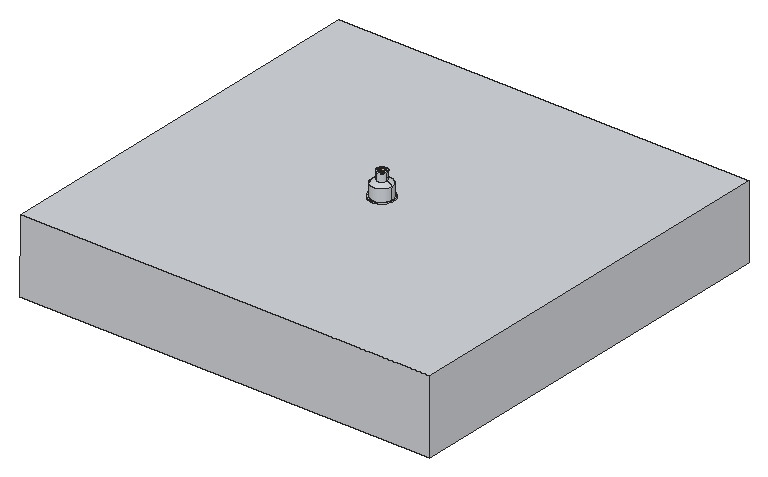
Revit family "Alcon-9069-Revit-Family", category Luminarias, Revit 2025
Family settings
  Anfitrión = Cara
  Cota de conector redondo = Usar diámetro
  Tipo de pieza = Normal
  Corte con vacíos al cargar = No
  Origen de luz = Sí
  Mantener orientación de anotación = No
  Compartido = No
  Punto de cálculo de habitación = No
Parameters
  Tilt Angle = 60.00°
  built-in parameter 1010506 = 0.5236 (stored number, unit not read)
  built-in parameter 1010507 = 1.5708 (stored number, unit not read)
  Wattage = 9.2903 W
  URL = "https://www.alconlighting.com/9069.html"
  built-in parameter 1150107 = 3200 (stored number, unit not read)
  TOP FINISH = none
  TAP LENS = none
  built-in parameter 1150110 = 1 (stored number, unit not read)
  built-in parameter 1150109 = 1 (stored number, unit not read)
  built-in parameter 1150112 = 1 (stored number, unit not read)
  built-in parameter 1150113 = 1 (stored number, unit not read)
  built-in parameter 1114218 = 1 (stored number, unit not read)
  Product Page = "https://www.alconlighting.com/9069.html"
  Product Data URL = "https://www.alconlighting.com/9069.html"
  built-in parameter 1150137 = (empty or 0)
  built-in parameter 1150132 = (empty or 0)
  Modelo = "Alcon Lighting 9069"
  Longitud de símbolo de origen de luz = 10' - 0"
  Link to IES File = "https://www.alconlighting.com/9069.html"
  LENS GLASS = Glass
  built-in parameter 1150105 = 4614.1 (stored number, unit not read)
  built-in parameter 1150102 = (empty or 0)
  built-in parameter 1150106 = 46.141 (stored number, unit not read)
  HOUSING = none
  GLASS LENS = Analytical Panels
  Lumens = 1380 lm
  Color Filter = 16777215
  built-in parameter 1114217 = 1 (stored number, unit not read)
  built-in parameter 1150139 = (empty or 0)
  Fabricante = "Alcon Lighting"
  Default Elevation = 4' - 0"
  built-in parameter 1150104 = 13.8 (stored number, unit not read)
  built-in parameter 1150115 = 1 (stored number, unit not read)
  built-in parameter 1150114 = 1 (stored number, unit not read)
  built-in parameter 1150138 = (empty or 0)
  built-in parameter 1150134 = 3
  Dimming Lamp Color Temperature Shift = (empty or 0)
  built-in parameter 1150133 = 10 (stored number, unit not read)
Reference planes (in)
  plane 1 "Center (Front/Back)": y = 0
  plane 2: z = 0
  plane 3 "Center (Left/Right)": x = 0
Forms (in)
  Extrusion 1, solid
    sketch origin (0, 0, 0) x (1, 0, 0) y (0, 1, 0)
      loop
        line (-33, 32.41633) -> (-33, -32.59453) -> (33.96505, -32.59453) -> (33.96505, 32.41633) -> (-33, 32.41633)
    from 0 to -12
  Revolve 2, solid
    sketch origin (17.87041, 0, 0) x (1, 0, 0) y (0, 0, 1)
      loop
        line (-15.90041, 0) -> (-15.90041, 0.10804) -> (-16.21267, 0.10804) -> (-16.21267, 1.99522)
        arc (-16.21267, 1.99522) -> (-16.62814, 2.31731) -> (-17.08242, 2.58188) r 3.98261
        line (-17.08242, 2.58188) -> (-17.08242, 3.83188) -> (-17.14492, 3.83188) -> (-17.14492, 2.54294)
        arc (-17.14492, 2.54294) -> (-16.6908, 2.28402) -> (-16.27517, 1.96697) r 3.92011
        line (-16.27517, 1.96697) -> (-16.27517, 0.10804) -> (-17.87041, 0.10804) -> (-17.87041, 0) -> (-15.90041, 0)
      axis (-17.87041, 0) -> (-17.87041, 3.83188)
    angle from 0 to 360
  Revolve 3, solid
    sketch origin (17.87041, 0, -2.93287) x (1, 0, 0) y (0, 0, 1)
      loop
        line (-17.85685, 4.3464) -> (-17.85685, 5.78027) -> (-18.29979, 5.78027) -> (-18.29979, 6.76475) -> (-18.52214, 6.76475) -> (-18.52214, 5.71835) -> (-18.37967, 5.71835) -> (-18.37967, 4.55369) -> (-18.05915, 4.55369) -> (-18.05915, 4.3464) -> (-17.85685, 4.3464)
      axis (-17.85685, 4.3464) -> (-17.85685, 6.76475)
    angle from 0 to 360
  Revolve 4, solid
    sketch origin (17.87041, 0, -2.93287) x (1, 0, 0) y (0, 0, 1)
      loop
        line (-18.29979, 6.76475) -> (-18.29979, 6.86436) -> (-18.55001, 6.86436) -> (-18.69227, 6.76475) -> (-18.29979, 6.76475)
      axis (-17.85685, 6.76475) -> (-17.85685, 6.86436)
    angle from 0 to 360
  Revolve 5, solid, material "Analytical Panels" <- "GLASS LENS"
    sketch origin (17.87041, 0, -2.93287) x (1, 0, 0) y (0, 0, 1)
      loop
        line (-17.85685, 6.86436) -> (-17.85685, 6.8304) -> (-17.4139, 6.8304) -> (-17.41491, 6.86436) -> (-17.85685, 6.86436)
      axis (-17.85685, 6.8304) -> (-17.85685, 6.86977)
    angle from 0 to 360
Lines and regions (in)
  model lines
    curve 1: line (-1.97, 0, 0) -> (1.97, 0, 0)
Dimensions and locks (in)
  aligned and locked: plane 2 to Extrusion 1
  aligned and locked: level to Extrusion 1
